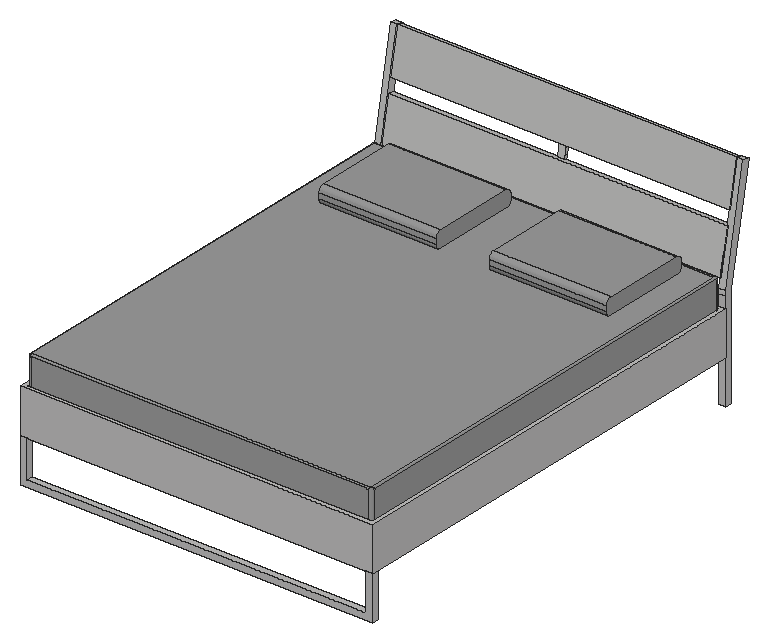
Revit family "Ikea TRYSIL", category Furniture, Revit 2016
Family settings
  OmniClass Number = 23.40.20.00
  OmniClass Title = General Furniture and Specialties
  Work Plane-Based = No
  Always vertical = Yes
  Cut with Voids When Loaded = No
  Shared = No
  Room Calculation Point = No
Parameters (values of type "1600x2000 mm White")
  Wood Finish = White Paint
  Width = 1600 mm
  Mattrass Material = Linen, White
  Length = 2000 mm
  Frame Material = White Paint
Types (5, lengths in mm): name | Wood Finish | Width | Frame Material
  (no name) | White Paint | 1600 | White Paint
  1600x2000 mm White | White Paint | 1600 | White Paint
  1400x2000 mm white | White Paint | 1400 | White Paint
  1600x2000 mm brown | Dark Wood Finish | 1600 | Black luminium
  1400x2000 mm Brown | Dark Wood Finish | 1400 | Black luminium
Reference planes
  plane 1 "Center (Front/Back)": y = 0
  plane 2: z = 0
  plane 3 "Center (Left/Right)": x = 0
  plane 4: x = -800
  plane 5: x = 800
  plane 6: y = 1000
  plane 7: y = -1000
  plane 8: z = 200
  plane 9: z = 400
  plane 10: z = 460
  plane 11: z = 960
  plane 12: y = 1100
  plane 13: z = 705.049
Forms (mm)
  Extrusion 1, solid, material "White Paint" <- "Wood Finish"
    sketch origin (0, 0, 0) x (1, 0, 0) y (0, 1, 0)
      loop
        line (-800, 1000) -> (-800, -1000) -> (800, -1000) -> (800, 1000) -> (-800, 1000)
      loop
        line (-780, 980) -> (-780, -980) -> (780, -980) -> (780, 980) -> (-780, 980)
    from 200 to 400
  Extrusion 2, solid, material "White Paint" <- "Frame Material"
    sketch origin (0, 0, 0) x (1, 0, 0) y (0, 0, 1)
      loop
        line (-800, 200) -> (-800, 0) -> (800, 0) -> (800, 200) -> (770, 200) -> (770, 30) -> (-770, 30) -> (-770, 200) -> (-800, 200)
    from 970 to 1000
  Extrusion 3, solid, material "White Paint" <- "Frame Material"
    sketch origin (0, 0, 0) x (0, 1, 0) y (0, 0, 1)
      loop
        line (1000, 450) -> (1000, 0) -> (1030, 0) -> (1030, 450)
        arc (1030, 450) -> (1030.437, 457.921) -> (1031.743, 465.746) r 71.983
        line (1031.743, 465.746) -> (1129.417, 954.117) -> (1100, 960) -> (1002.326, 471.63)
        arc (1002.326, 471.63) -> (1000.583, 460.877) -> (1000, 450) r 101.734
    from -800 to -770
  Extrusion 4, solid, material "White Paint" <- "Frame Material"
    sketch origin (0, 0, 0) x (0, 1, 0) y (0, 0, -1)
      loop
        arc (1000, -450) -> (1000.583, -460.877) -> (1002.326, -471.63) r 101.734
        line (1002.326, -471.63) -> (1100, -960) -> (1129.417, -954.117) -> (1031.743, -465.746)
        arc (1031.743, -465.746) -> (1030.437, -457.921) -> (1030, -450) r 71.983
        line (1030, -450) -> (1030, 0) -> (1000, 0) -> (1000, -450)
    from -800 to -770
  Extrusion 5, solid, material "White Paint" <- "Frame Material"
    sketch origin (-785, 0, 0) x (0, 1, 0) y (0, 0, -1)
      loop
        arc (1015.994, -370) -> (1017.518, -419.315) -> (1022.085, -468.443) r 798.668
        line (1022.085, -468.443) -> (1104.294, -879.488) -> (1114.099, -877.526) -> (1031.743, -465.746)
        arc (1031.743, -465.746) -> (1030.437, -457.921) -> (1030, -450) r 71.983
        line (1030, -450) -> (1030, 0) -> (1015.994, 0) -> (1015.994, -370)
    from -800 to -770
  Extrusion 6, solid, material "White Paint" <- "Wood Finish"
    sketch origin (0, 0, 0) x (0, 1, 0) y (0, 0, 1)
      loop
        line (1100, 960) -> (1060.777, 763.884) -> (1080.388, 759.962) -> (1119.612, 956.078) -> (1100, 960)
    from -770 to 770
  Extrusion 7, solid, material "White Paint" <- "Wood Finish"
    sketch origin (0, 0, 0) x (0, 1, 0) y (0, 0, 1)
      loop
        line (1049.01, 705.049) -> (1009.787, 508.933) -> (1029.398, 505.011) -> (1068.621, 701.127) -> (1049.01, 705.049)
    from -770 to 770
  Extrusion 8, solid
    sketch origin (0, 0, 0) x (0, 1, 0) y (0, 0, 1)
      loop
        line (980, 367.844) -> (-980, 367.844) -> (-980, 317.844) -> (980, 317.844) -> (980, 367.844)
    from -780 to 780
  Extrusion 9, solid, material "Linen, White" <- "Mattrass Material"
    sketch origin (0, 0, 0) x (1, 0, 0) y (0, 1, 0)
      loop
        arc (-775, 980) -> (-778.536, 978.536) -> (-780, 975) r 5
        line (-780, 975) -> (-780, -965)
        arc (-780, -965) -> (-775.607, -975.607) -> (-765, -980) r 15
        line (-765, -980) -> (765, -980)
        arc (765, -980) -> (775.607, -975.607) -> (780, -965) r 15
        line (780, -965) -> (780, 975)
        arc (780, 975) -> (778.536, 978.536) -> (775, 980) r 5
        line (775, 980) -> (-775, 980)
    from 317.844 to 530
  Extrusion 10, void
    sketch origin (0, 0, 0) x (0, 1, 0) y (0, 0, 1)
      loop
        line (-1000, 513.208) -> (-980, 513.208) -> (-980, 522.5)
        arc (-980, 522.5) -> (-977.803, 527.803) -> (-972.5, 530) r 7.5
        line (-972.5, 530) -> (-965, 530) -> (-965, 550) -> (-1000, 550) -> (-1000, 513.208)
      loop
        line (1000, 513.208) -> (1000, 550) -> (965, 550) -> (965, 530) -> (972.5, 530)
        arc (972.5, 530) -> (977.803, 527.803) -> (980, 522.5) r 7.5
        line (980, 522.5) -> (980, 513.208) -> (1000, 513.208)
    from -800 to 800
  Extrusion 11, void
    sketch origin (0, 0, 0) x (1, 0, 0) y (0, 0, 1)
      loop
        line (-800, 508.222) -> (-780, 508.222) -> (-780, 523.222)
        arc (-780, 523.222) -> (-777.554, 528.055) -> (-772.5, 530) r 7.538
        line (-772.5, 530) -> (-765, 530) -> (-765, 550) -> (-800, 550) -> (-800, 508.222)
      loop
        line (800, 508.222) -> (800, 550) -> (765, 550) -> (765, 530) -> (772.5, 530)
        arc (772.5, 530) -> (777.554, 528.055) -> (780, 523.222) r 7.538
        line (780, 523.222) -> (780, 508.222) -> (800, 508.222)
    from -1000 to 1000
  Sweep 12, solid, material "Linen, White" <- "Mattrass Material"
    path origin (466.648, 326.051, 116.822) x (1, 0, 0) y (0, 1, 0)
      loop
        line (-346.648, 603.97) -> (186.652, 603.97)
    profile origin (386.65, 0, 0) x (0, 1, 0) y (0, 0, 1)
      loop
        line (536.321, 523.222) -> (904.621, 523.222)
        arc (904.621, 523.222) -> (922.582, 530.662) -> (930.021, 548.622) r 25.4
        line (930.021, 548.622) -> (930.021, 574.022)
        arc (930.021, 574.022) -> (922.582, 591.983) -> (904.621, 599.422) r 25.4
        line (904.621, 599.422) -> (536.321, 599.422)
        arc (536.321, 599.422) -> (518.361, 591.983) -> (510.921, 574.022) r 25.4
        line (510.921, 574.022) -> (510.921, 548.622)
        arc (510.921, 548.622) -> (518.361, 530.662) -> (536.321, 523.222) r 25.4
  Sweep 13, solid, material "Linen, White" <- "Mattrass Material"
    path origin (-466.648, 326.051, 116.822) x (-1, 0, 0) y (0, -1, 0)
      loop
        line (-346.648, -603.97) -> (186.652, -603.97)
    profile origin (-386.65, 0, 0) x (0, -1, 0) y (0, 0, 1)
      loop
        arc (-536.321, 523.222) -> (-518.361, 530.662) -> (-510.921, 548.622) r 25.4
        line (-510.921, 548.622) -> (-510.921, 574.022)
        arc (-510.921, 574.022) -> (-518.361, 591.983) -> (-536.321, 599.422) r 25.4
        line (-536.321, 599.422) -> (-904.621, 599.422)
        arc (-904.621, 599.422) -> (-922.582, 591.983) -> (-930.021, 574.022) r 25.4
        line (-930.021, 574.022) -> (-930.021, 548.622)
        arc (-930.021, 548.622) -> (-922.582, 530.662) -> (-904.621, 523.222) r 25.4
        line (-904.621, 523.222) -> (-536.321, 523.222)
Cuts and joins
  Extrusion 10, Extrusion 11 cuts Extrusion 9
Dimensions and locks
  equal spacing: plane 6, plane 1 "Center (Front/Back)", plane 7
  "Length": plane 6 to plane 7
  equal spacing: plane 4, plane 3 "Center (Left/Right)", plane 5
  "Width": plane 4 to plane 5
  locked: Extrusion 1 sketch curve to Extrusion 1 sketch curve at 20  (x4)
  plane 8 to level = 200 mm
  plane 9 to level = 400 mm
  plane 6 to plane 7 = 2000 mm
  Extrusion 2 sketch curve to Extrusion 2 sketch curve = 30 mm
  locked: Extrusion 2 sketch curve to Extrusion 2 sketch curve at 30  (x2)
  locked: Extrusion 2 to Extrusion 2 at 30
  plane 10 to level = 460 mm
  plane 11 to level = 960 mm
  plane 12 to plane 6 = 100 mm
  Extrusion 5 to plane 3 "Center (Left/Right)" to Extrusion 5 = 15 mm, 15 mm
  locked: Extrusion 6 sketch curve to Extrusion 6 sketch curve at 200
  locked: Extrusion 6 sketch curve to Extrusion 6 sketch curve at 20
  locked: Extrusion 7 sketch curve to Extrusion 7 sketch curve at 200
  locked: Extrusion 8 sketch curve to Extrusion 8 sketch curve at 50
  Extrusion 8 to level = 317.844 mm
  plane 13 to level = 705.049 mm
  locked: Extrusion 3 to Extrusion 11 sketch curve at 35
  locked: Extrusion 11 sketch curve to Extrusion 11 sketch curve at 41.778  (x2)
  locked: Extrusion 11 sketch curve to Extrusion 11 sketch curve at 35
  locked: plane 3 "Center (Left/Right)" to Sweep 12 at 120
  locked: Sweep 13 to plane 3 "Center (Left/Right)" at 120
  aligned and locked: level to plane 2
  aligned and locked: Extrusion 1 sketch curve to plane 6
  aligned and locked: plane 4 to Extrusion 1 sketch curve
  aligned and locked: plane 9 to Extrusion 1
  aligned and locked: Extrusion 1 to plane 8
  aligned and locked: Extrusion 2 sketch curve to level
  aligned and locked: plane 5 to Extrusion 2 sketch curve
  aligned and locked: Extrusion 2 sketch curve to plane 4
  aligned and locked: plane 8 to Extrusion 2 sketch curve  (x2)
  aligned and locked: plane 2 to Extrusion 3 sketch curve
  aligned and locked: plane 11 to Extrusion 3 sketch curve
  aligned and locked: Extrusion 1 to Extrusion 3
  aligned and locked: Extrusion 3 to Extrusion 2  (x2)
  aligned and locked: Extrusion 4 to Extrusion 2
  aligned and locked: Extrusion 2 to Extrusion 4
  aligned and locked: Extrusion 2 to Extrusion 1
  aligned and locked: Extrusion 3 to Extrusion 6 sketch curve
  aligned and locked: Extrusion 6 sketch curve to Extrusion 3
  aligned and locked: Extrusion 6 to Extrusion 4
  aligned and locked: Extrusion 6 to Extrusion 3
  aligned and locked: Extrusion 3 to Extrusion 7 sketch curve
  aligned and locked: Extrusion 7 sketch curve to Extrusion 5
  aligned and locked: Extrusion 7 to Extrusion 4
  aligned and locked: Extrusion 7 to Extrusion 3
  aligned and locked: Extrusion 1 to Extrusion 8 sketch curve  (x2)
  aligned and locked: Extrusion 8 to Extrusion 1  (x2)
  aligned and locked: plane 5 to Extrusion 1
  aligned and locked: Extrusion 1 to plane 4
  aligned and locked: Extrusion 1 to Extrusion 9 sketch curve  (x4)
  aligned and locked: Extrusion 9 to Extrusion 8
  aligned and locked: Extrusion 7 to plane 13
  aligned and locked: plane 7 to Extrusion 10 sketch curve
  aligned and locked: Extrusion 10 to Extrusion 1
  aligned and locked: Extrusion 1 to Extrusion 10
  aligned and locked: plane 6 to Extrusion 10 sketch curve
  aligned and locked: plane 4 to Extrusion 11 sketch curve
  aligned and locked: plane 5 to Extrusion 11 sketch curve
  aligned and locked: Extrusion 11 to Extrusion 1
  aligned and locked: Extrusion 1 to Extrusion 11
Automatic sketch dimensions
  Extrusion 1 sketch curve to plane 5 = 0 mm
  Extrusion 1 sketch curve to plane 7 = 0 mm
  Extrusion 3 sketch curve to plane 6 = 0 mm
  Extrusion 3 sketch curve to plane 12 = 0 mm
  plane 6 to Extrusion 3 sketch curve = 2.326 mm
  Extrusion 3 sketch curve to Extrusion 3 sketch curve = 30 mm
  plane 10 to Extrusion 3 sketch curve = 5.746 mm
  Extrusion 3 sketch curve to Extrusion 3 sketch curve = 1.743 mm
  Extrusion 3 sketch curve to plane 12 = 1.734 mm
  Extrusion 3 sketch curve to Extrusion 3 sketch curve = 0.249 mm
  Extrusion 3 sketch curve to plane 11 = 5.883 mm
  Extrusion 4 sketch curve to level = 0 mm
  Extrusion 4 sketch curve to plane 6 = 0 mm
  Extrusion 4 sketch curve to plane 11 = 0 mm
  Extrusion 4 sketch curve to plane 12 = 0 mm
  plane 6 to Extrusion 4 sketch curve = 2.326 mm
  Extrusion 4 sketch curve to Extrusion 4 sketch curve = 30 mm
  plane 10 to Extrusion 4 sketch curve = 5.746 mm
  Extrusion 4 sketch curve to Extrusion 4 sketch curve = 1.743 mm
  Extrusion 4 sketch curve to plane 12 = 1.734 mm
  Extrusion 4 sketch curve to Extrusion 4 sketch curve = 0.249 mm
  Extrusion 4 sketch curve to plane 11 = 5.883 mm
  Extrusion 5 sketch curve to level = 0 mm
  plane 6 to Extrusion 5 sketch curve = 15.994 mm
  plane 10 to Extrusion 5 sketch curve = 8.443 mm
  Extrusion 5 sketch curve to Extrusion 5 sketch curve = 6.09 mm
  Extrusion 5 sketch curve to Extrusion 5 sketch curve = 7.915 mm
  plane 10 to Extrusion 5 sketch curve = 5.746 mm
  Extrusion 5 sketch curve to Extrusion 5 sketch curve = 9.659 mm
  Extrusion 5 sketch curve to plane 12 = 1.983 mm
  Extrusion 5 sketch curve to plane 12 = 4.294 mm
  Extrusion 5 sketch curve to Extrusion 5 sketch curve = 9.806 mm
  Extrusion 5 sketch curve to plane 9 = 30 mm
  Extrusion 7 sketch curve to plane 13 = 0 mm
  Extrusion 8 sketch curve to plane 9 = 82.156 mm
  Extrusion 9 sketch curve to Extrusion 9 sketch curve = 5 mm  (x2)
  Extrusion 9 sketch curve to Extrusion 9 sketch curve = 15 mm  (x2)
  plane 7 to Extrusion 10 sketch curve = 20 mm
  Extrusion 10 sketch curve to Extrusion 10 sketch curve = 7.5 mm  (x4)
  Extrusion 10 sketch curve to plane 6 = 35 mm
  plane 10 to Extrusion 10 sketch curve = 53.208 mm  (x2)
  Extrusion 10 sketch curve to Extrusion 10 sketch curve = 9.292 mm  (x2)
  Extrusion 10 sketch curve to Extrusion 10 sketch curve = 20 mm  (x2)
  plane 4 to Extrusion 11 sketch curve = 20 mm
  Extrusion 11 sketch curve to Extrusion 11 sketch curve = 7.5 mm  (x3)
  plane 10 to Extrusion 11 sketch curve = 48.222 mm  (x2)
  Extrusion 11 sketch curve to Extrusion 11 sketch curve = 14.239 mm  (x2)
  Extrusion 11 sketch curve to Extrusion 11 sketch curve = 0.761 mm  (x2)
  plane 3 "Center (Left/Right)" to Sweep 12 sketch curve = 120 mm
  Sweep 12 sketch curve to plane 6 = 69.979 mm
  Sweep 12 sketch curve to plane 5 = 146.7 mm
  Sweep 12 sketch curve to profile plane = 0 mm
  profile plane to Sweep 12 sketch curve = 25.4 mm  (x2)
  Sweep 12 sketch curve to Sweep 12 sketch curve = 368.3 mm
  Sweep 12 sketch curve to Sweep 12 sketch curve = 0 mm
  Sweep 12 sketch curve to Sweep 12 sketch curve = 25.4 mm  (x2)
  Sweep 13 sketch curve to plane 3 "Center (Left/Right)" = 120 mm
  Sweep 13 sketch curve to plane 6 = 69.979 mm
  plane 4 to Sweep 13 sketch curve = 146.7 mm
  Sweep 13 sketch curve to profile plane = 0 mm
  Sweep 13 sketch curve to profile plane = 25.4 mm  (x2)
  Sweep 13 sketch curve to Sweep 13 sketch curve = 368.3 mm
  Sweep 13 sketch curve to Sweep 13 sketch curve = 0 mm
  Sweep 13 sketch curve to Sweep 13 sketch curve = 25.4 mm  (x2)
